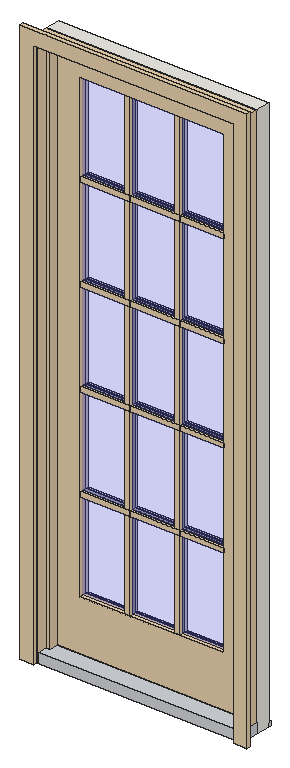
Revit family "Door-Outswing-Andersen-A_Series-Stationary 2", category Doors, host Wall, Revit 2013
Parameters
  Visual Light Transmittance = 0.37  # constant formula
  Type Comments = "Fiberglass-clad and Flexacron finished wood stationary single door"  # constant formula
  Thermal Resistance (R) = 0.58703  # 3.3333 (h·ft²·°F)/BTU
  Solar Heat Gain Coefficient = 0.16  # constant formula
  Rough Width = Width + (Rough Opening Offset * 2)  # 3' - 0 3/4"
  Rough Height = if(1 > 0, Height + 0' 0 1/2", 0' 0")  # 8' - 0 1/2"
  Learn About These Parameters = "http://www.andersenwindows.com/for-professionals/cad-symbols-bim-support-window-doors/bim-support"
  Heat Transfer Coefficient (U) = 1.7035  # 0.3000 BTU/(h·ft²·°F)
  Grille Bar Sizes = "3/4'', 7/8'', 1 1/8'', 2 1/4''"  # constant formula
  Between Glass Grille Bar Sizes = "3/4'', 1''"  # constant formula
  Interior Trim Visibility = yes
  Grille Bar Size = 0' - 0 7/8"
  Enter Pattern Number = 1
  Analytic Construction = "<None>"
  ..Pattern Number 1 = "Colonial"  # constant formula
  . . Lights Wide = 3
  . . Lights High = 5
  ..Pattern Number 2 = "Modified Colonial"  # constant formula
  ..Pattern Number 3 = "Prairie"  # constant formula
  ..Pattern Number 4 = "Short Fractional"  # constant formula
  ..Pattern Number 5 = "Tall Fractional"  # constant formula
  Extension Jamb Visibility = yes
  Enter Exterior Trim Number = 0
  ..Exterior Trim Number 0 = "No Exterior Trim"  # constant formula
  ..Exterior Trim Number 1 = "Brick Mould"  # constant formula
  ..Exterior Trim Number 2 = "3 1/2'' Flat Casing"  # constant formula
  ..Exterior Trim Number 3 = "4 1/2'' Flat Casing"  # constant formula
  Interior Grille Bar Visibility = yes
  Exterior Grille Bar Visibility = yes
  Between Glass Grille Bar Visibility = yes
  xjamb Visibility [instance] = and(Extension Jamb Visibility, Wall Depth > 0' 4 9/16")  # no
  xjamb S1 [instance] = if(Wall Depth < 0' 4 5/8", 0' 0 1/16", 0' 0")  # 0' - 0 1/16"
  casingS2 = if(Enter Exterior Trim Number = 1, 0' 0 3/16", 0' 0 3/16")  # 0' - 0 3/16"
  casingS1 = if(Enter Exterior Trim Number = 1, 0' 0 7/16", 0' 0 3/16")  # 0' - 0 3/16"
  casing4 = if(Enter Exterior Trim Number = 1, 0' 1 3/4", if(Enter Exterior Trim Number = 2, 0' 3 1/4", 0' 4 1/4"))  # 0' - 4 1/4"
  casing3 = 0' - 0 1/2"  # constant formula
  casing2 = 0' - 0 7/8"  # constant formula
  casing1 = 0' - 0 1/4"  # constant formula
  Wall Thickness [instance] = 0' - 8"
  Wall Depth [instance] = 0' - 4 9/16"
  Void Offset 1 [instance] = if(Enter Exterior Trim Number > 0, casing4, 0' 0")  # 0' - 0"
  Void Depth [instance] = if(Wall Thickness > Wall Depth, 0' 1" + Wall Thickness - Wall Depth, 0' 1")  # 0' - 4 7/16"
  VGB DLO = if(Enter Pattern Number = 3, 0' 4", (H DLO - (Grille Bar Size * (V Bars))) / if(LWide > 2, LWide, 3))  # 0' - 7.66667"
  V Bars = if(Enter Pattern Number = 3, 2, if(LWide > 2, LWide - 1, 2))  # 2
  URL = "www.andersenwindows.com"
  TS V DLO = Height - HGO - SGO  # 6' - 7 7/8"
  TS V Bar Length = if(or(Enter Pattern Number = 5, Enter Pattern Number = 2), ((((Height - HGO - SGO - (Grille Bar Size * (Fractional Lights High - 1))) / Fractional Lights High)) * TFL) + (TFB * Grille Bar Size), if(Enter Pattern Number = 4, ((Height - HGO - SGO - (Grille Bar Size * (Fractional Lights High - 1))) / Fractional Lights High), Height - HGO - SGO))  # 6' - 7 7/8"
  TS SH DLO = if(or(Enter Pattern Number = 5, Enter Pattern Number = 2), ((((Height - HGO - SGO - (Grille Bar Size * (Fractional Lights High - 1))) / Fractional Lights High)) * TFL) + (TFB * Grille Bar Size) + HGO + (Grille Bar Size / 2), if(Enter Pattern Number = 4, TS V Bar Length + HGO + (Grille Bar Size / 2), (TS V DLO / 2) + HGO))  # 3' - 9 9/16"
  TS S V = or(and(LWide = 2, Enter Pattern Number = 1), and(Fractional Lights Wide = 2, or(or(Enter Pattern Number = 2, Enter Pattern Number = 4), Enter Pattern Number = 5)))  # no
  TS S H Craftsman = and(Enter Pattern Number = 2, or(Fractional Lights High = 4, Fractional Lights High = 5))  # no
  TS S H = or(or(or(and(. . Lights High = 2, Enter Pattern Number = 1), and(Enter Pattern Number = 4, Fractional Lights High > 1)), and(Enter Pattern Number = 5, Fractional Lights High > 1)), and(Enter Pattern Number = 2, Fractional Lights High > 1))  # no
  TS M V = or(or(or(or(or(and(LWide > 2, Enter Pattern Number = 1), and(LWide > 2, Enter Pattern Number = 2)), Enter Pattern Number = 3), Enter Pattern Number = 4), Enter Pattern Number = 5), and(LWide > 2, Enter Pattern Number = 6))  # yes
  TS M H = or(or(Enter Pattern Number = 3, and(. . Lights High > 2, Enter Pattern Number = 1)), and(Enter Pattern Number = 2, Fractional Lights High > 5))  # yes
  TS HGB DLO = if(Enter Pattern Number = 1, if(. . Lights High > 2, ((TS V Bar Length - (Grille Bar Size * (. . Lights High - 1))) / . . Lights High), 0' 4"), if(Enter Pattern Number = 3, 0' 4", if(Fractional Lights High > 2, ((TS V Bar Length - (Grille Bar Size * 2)) / 3), 0' 4")))  # 1' - 3.275"
  TS H Bars = if(Enter Pattern Number = 3, 2, if(Enter Pattern Number = 1, if(. . Lights High > 2, . . Lights High - 1, 2), 2))  # 4
  TFL = if(Fractional Lights High > 5, 3, if(or(Fractional Lights High = 4, Fractional Lights High = 5), 2, if(or(Fractional Lights High = 2, Fractional Lights High = 3), 1, 1)))  # 3
  TFB = TFL - 1  # 2
  Sill Interior Offset [instance] = 0' - 0"  # constant formula
  Sill Height [instance] = 0' - 1 11/16"  # constant formula
  Rough Opening Offset = 0' - 0 3/8"
  Panel Bottom Inset [instance] = 0' - 1"  # constant formula
  Sill Depth [instance] = 0' - 6 7/32"  # constant formula
  SGO = 0' - 10 1/2"  # constant formula
  Product Documentation Link = "http://www.andersenwindows.com/products/a-series-hinged-patio-door/"
  Panel Width = Width - 0' 1 3/16" - 0' 1 3/16"  # 2' - 9 5/8"
  Panel Height [instance] = CTRL Height - 0' 0 3/4" - Panel Bottom Inset  # 7' - 10 1/4"
  Nail Fin Visibility = Enter Exterior Trim Number = 0  # yes
  Model = "A-Series"  # constant formula
  Masonry Width = if(Enter Exterior Trim Number > 0, Width + ((casing4 + Masonry Opening Offset) * 2), Width + (Masonry Opening Offset * 2))  # 3' - 0 3/4"
  Masonry Opening Offset = 0' - 0 3/8"
  Masonry Height = if(Enter Exterior Trim Number > 0, Height + (casing4 + 0' 0 1/2"), Height + 0' 0 1/2")  # 8' - 0 1/2"
  Manufacturer = "Andersen Corporation"  # constant formula
  LWide = if(Enter Pattern Number = 3, 3, if(Enter Pattern Number = 1, . . Lights Wide, Fractional Lights Wide))  # 3
  JGO = 0' - 5 5/8"  # constant formula
  Is Outswing = 1 = 1  # yes
  Interior Unit Finish = Wood - Andersen - Pine
  Interior Trim Size = 0' - 2 1/4"
  HGO = 0' - 5 5/8"  # constant formula
  H DLO = Width - (JGO * 2)  # 2' - 0 3/4"
  Glazing Material = Glass ‐ Andersen - Low-E4 SmartSun
  Function = Exterior
  Height = 8' - 0"
  Wall Closure = By host
  Width = 3' - 0"
  Frame Interior Inset [instance] = 0' - 0"  # constant formula
  Frame Depth [instance] = 0' - 5 7/8"  # constant formula
  Fractional Lights Wide = 4
  Fractional Lights High = 6
  Family Version = "01.01.15"  # constant formula
  Exterior Unit Finish = Fiberglass - Andersen - White
  Exterior Trim Finish = Fibrex Composite - Andersen - White
  Designation = "FWOD"
  Description = "Fiberglass-clad and Flexacron finished wood stationary single door"  # constant formula
  Coarse Plan [instance] = if(Wall Depth > Wall Thickness, Wall Thickness, Wall Depth)  # 0' - 4 9/16"
  Casing Visibility [instance] = Enter Exterior Trim Number > 0  # no
  CTRL Height [instance] = Height  # 8' - 0"
  Between Glass Grille Bar Finish = Stainless Steel - Andersen - Standard
  BS V DLO = Height - HGO - SGO  # 6' - 7 7/8"
  BS SH DLO = if(Enter Pattern Number = 5, SGO + 0' 4" + (Grille Bar Size / 2), (BS V DLO / 2) + SGO)  # 4' - 2 7/16"
  BS S V = and(LWide = 2, Enter Pattern Number = 1)  # no
  BS M V = or(or(and(LWide > 2, Enter Pattern Number = 1), Enter Pattern Number = 3), Enter Pattern Number = 5)  # yes
  Assembly Code = "B2030100"
Reference planes (in)
  plane 1 "Center (Front/Back)": y = 0
  plane 2 "Center (Left/Right)": x = 0
  plane 3 "R Frame": x = -18
  plane 4 "L Frame": x = 18
  plane 5 "T Frame": z = 96
  plane 6 "Wall S1": y = 4
  plane 7 "Wall S2": y = -4
  plane 8 "Interior Casing": y = -4.625
  plane 9 "Frame S2": y = -4
  plane 10 "Flange": y = 0.5625
  plane 11 "Casing S2": y = 2.0625
  plane 12 "Casing S1": y = 2.0625
  plane 13 "Exterior Offset": y = 5
  plane 14 "R Rough Opening": x = -18.375
  plane 15 "R Casing 1": x = -17.75
  plane 16 "R Casing 2": x = -21.375
  plane 17 "R Casing 3": x = -21.75
  plane 18 "R Casing 4": x = -22.25
  plane 19 "R Masonry Opening": x = -18.375
  plane 20 "L Masonry Opening": x = 18.375
  plane 21 "L Casing 4": x = 22.25
  plane 22 "L Casing 3": x = 21.75
  plane 23 "L Casing 2": x = 21.375
  plane 24 "L Casing 1": x = 17.75
  plane 25 "L Rough Opening": x = 18.375
  plane 26 "T Rough Opening": z = 96.5
  plane 27 "T Casing 1": z = 95.75
  plane 28 "T Casing 2": z = 99.375
  plane 29 "T Casing 3": z = 99.75
  plane 30 "T Casing 4": z = 100.25
  plane 31 "T Masonry Opening": z = 96.5
  plane 32 "R Int Casing": x = -19.5
  plane 33 "R Xjamb 2": x = -17.875
  plane 34 "R Ext Frame": x = -17.434
  plane 35 "L Int Casing": x = 19.5
  plane 36 "L Xjamb 2": x = 17.875
  plane 37 "L Ext Frame": x = 16.578
  plane 38 "T Int Casing": z = 97.684
  plane 39 "T Xjamb 2": z = 95.875
  plane 40 "T Ext Frame": z = 95.434
  plane 41 "L Panel": x = 17.25
  plane 42 "R Panel": x = -17.25
  plane 43 "T Panel": z = 95.25
  plane 44 "B Panel": z = 1
  plane 45 "B Glazing": z = 10.5
  plane 46 "T Glazing": z = 90.375
  plane 47 "L Glazing": x = 12.375
  plane 48 "R Glazing": x = -12.375
  plane 49 "Panel1 S1": y = 0.943
  plane 50 "Panel1 S2": y = -0.776
  plane 51 "Xjamb S1": y = -3.9375
  plane 52 "Frame S1": y = 1.875
  plane 53 "L Stop": x = 16.305
  plane 54 "R Stop": x = -16.305
  plane 55 "T Stop": z = 94.305
  plane 56 "Sill Height": z = 1.6875
  plane 57 "Glass1 S1": y = 0.53009
  plane 58 "Glass1 S3": y = -0.111
  plane 59 "Glass1 S2": y = 0.40509
  plane 60 "Glass1 S4": y = -0.236
  plane 61 "Vert Bar length": z = 10.5
  plane 62 "L Xjamb 1": x = 17.25
  plane 63 "R Xjamb S1": x = -17.25
  plane 64 "T Xjamb S1": z = 95.25
  plane 65 "R Int Frame": x = -16.984
  plane 66 "L Int Frame": x = 16.984
  plane 67 "Frame S1.1": y = 1.72601
  plane 68 "T Int Frame": z = 94.984
  plane 69 "B Ext Frame": z = 0.748
  plane 70 "B Stop": z = 2.45642
  plane 71 "Sill S1": y = 2.205
  plane 72 "R Ext Frame 2": x = -16.578
  plane 73 "Stop S1": y = -2.328
  plane 74 "L Ext Frame 2": x = 17.434
  plane 75 "T Ext Frame 2": z = 94.578
Forms (in)
  Extrusion 1, void
    sketch origin (0, 0, 0) x (1, 0, 0) y (0, 0, 1)
      loop
        line (18, 96) -> (-18, 96) -> (-18, 0) -> (18, 0) -> (18, 96)
    from -0.5625 to 4
  Extrusion 2, void
    sketch origin (0, 0, 0) x (1, 0, 0) y (0, 0, 1)
      loop
        line (18, 96) -> (-18, 96) -> (-18, 0) -> (18, 0) -> (18, 96)
    from -30 to -0.5625
  Sweep 3, solid, material "Fibrex Composite - Andersen - White" <- "Exterior Trim Finish", visible <- "Casing Visibility", detail levels medium+fine
    path origin (0, 0.5625, 0) x (-1, 0, 0) y (0, 0, 1)
      loop
        line (-22.25, 0) -> (-22.25, 100.25) -> (22.25, 100.25) -> (22.25, 0)
    profile origin (22.25, 0.5625, 50.125) x (1, 0, 0) y (0, 1, 0)
      loop
        line (-0.875, 1.5) -> (-4.5, 1.5) -> (-4.5, 0) -> (0, 0) -> (0, 1.5) -> (-0.5, 1.5) -> (-0.875, 1.5)
  Extrusion 4, solid, material "Fibrex Composite - Andersen - White" <- "Exterior Trim Finish", visible <- "Casing Visibility", detail levels coarse
    sketch origin (0, 0.5625, 0) x (-1, 0, 0) y (0, 0, 1)
      loop
        line (-17.75, 95.75) -> (17.75, 95.75) -> (17.75, 0) -> (22.25, 0) -> (22.25, 100.25) -> (-22.25, 100.25) -> (-22.25, 0) -> (-17.75, 0) -> (-17.75, 95.75)
    from 0 to 1.5
  Extrusion 5, solid, material "Wood - Andersen - Pine" <- "Interior Unit Finish", visible <- "Interior Trim Visibility", detail levels fine
    sketch origin (0, 0, 0) x (1, 0, 0) y (0, 0, 1)
      loop
        line (-17.25, 95.25) -> (17.25, 95.25) -> (17.25, 0) -> (19.5, 0) -> (19.5, 97.684) -> (-19.5, 97.684) -> (-19.5, 0) -> (-17.25, 0) -> (-17.25, 95.25)
    from 4 to 4.625
  Extrusion 6, solid, material "Wood - Andersen - Pine" <- "Interior Unit Finish", visible <- "xjamb Visibility", detail levels medium+fine
    sketch origin (0, 0, 0) x (1, 0, 0) y (0, 0, 1)
      loop
        line (-17.875, 0) -> (-17.25, 0) -> (-17.25, 95.25) -> (17.25, 95.25) -> (17.25, 0) -> (17.875, 0) -> (17.875, 95.875) -> (-17.875, 95.875) -> (-17.875, 0)
    from 3.9375 to 4
  Sweep 7, void
    path origin (4.25, 0.5625, 0) x (-1, 0, 0) y (0, 0, 1)
      loop
        line (4.25, 0) -> (4.25, 10.5)
    profile origin (0, 0.5625, 5.25) x (1, 0, 0) y (0, 1, 0)
      loop
        line (18, -1.3385) -> (18, 1.3125) -> (17.434, 1.3125) -> (17.434, -0.15741) -> (16.578, -0.15741) -> (16.578, -1.3385) -> (18, -1.3385)
      loop
        line (-18, -1.3385) -> (-16.578, -1.3385) -> (-16.578, -0.15741) -> (-17.434, -0.15741) -> (-17.434, 1.3125) -> (-18, 1.3125) -> (-18, -1.3385)
  Sweep 8, solid, material "Fiberglass - Andersen - White" <- "Exterior Unit Finish"
    path in 3D
      loop
        line (18, 0.5625, 0) -> (18, 0.5625, 96) -> (-18, 0.5625, 96) -> (-18, 0.5625, 0)
    profile origin (18, 0.5625, 48) x (1, 0, 0) y (0, 1, 0)
      loop
        line (0, 1.3125) -> (-0.566, 1.3125) -> (-0.566, -0.15741) -> (-1.422, -0.15741) -> (-1.422, -1.3385) -> (0, -1.3385) -> (0, 1.3125)
  Sweep 9, solid, material "Wood - Andersen - Pine" <- "Interior Unit Finish"
    path in 3D
      loop
        line (18, 0.5625, 0) -> (18, 0.5625, 96) -> (-18, 0.5625, 96) -> (-18, 0.5625, 0)
    profile origin (18, 0.5625, 48) x (1, 0, 0) y (0, 1, 0)
      loop
        line (0, -1.3385) -> (-1.695, -1.3385) -> (-1.695, -2.8905) -> (-1.016, -2.8905) -> (-1.016, -4.5625) -> (0, -4.5625) -> (0, -1.3385)
  Extrusion 10, solid, material "Fiberglass - Andersen - White" <- "Exterior Unit Finish"
    sketch origin (0, 0.5625, 0) x (-1, 0, 0) y (0, 0, 1)
      loop
        line (-17.25, 95.25) -> (-17.25, 1) -> (17.25, 1) -> (17.25, 95.25) -> (-17.25, 95.25)
      loop
        line (-12.375, 90.375) -> (-12.375, 10.5) -> (12.375, 10.5) -> (12.375, 90.375) -> (-12.375, 90.375)
    from -0.03241 to 0.3805
  Extrusion 11, solid, material "Wood - Andersen - Pine" <- "Interior Unit Finish"
    sketch origin (0, 0.5625, 0) x (-1, 0, 0) y (0, 0, 1)
      loop
        line (-17.25, 95.25) -> (-17.25, 1) -> (17.25, 1) -> (17.25, 95.25) -> (-17.25, 95.25)
      loop
        line (-12.375, 90.375) -> (-12.375, 10.5) -> (12.375, 10.5) -> (12.375, 90.375) -> (-12.375, 90.375)
    from -1.3385 to -0.03241
  Extrusion 12, solid, material "Glass ‐ Andersen - Low-E4 SmartSun" <- "Glazing Material"
    sketch origin (0, 0.5625, 0) x (-1, 0, 0) y (0, 0, 1)
      loop
        line (-12.375, 90.375) -> (-12.375, 10.5) -> (12.375, 10.5) -> (12.375, 90.375) -> (-12.375, 90.375)
    from -0.7985 to -0.03241
  Extrusion 13, solid
    sketch origin (0, 0, 0) x (0, 1, 0) y (0, 0, 1)
      loop
        line (2.205, 0.748) -> (0.40509, 0.748) -> (0.40509, 1.6875) -> (-0.776, 1.6875) -> (-0.776, 0) -> (2.205, 0) -> (2.205, 0.748)
    from -18 to 18
  Extrusion 14, solid
    sketch origin (0, 0, 0) x (0, 1, 0) y (0, 0, 1)
      loop
        line (-0.776, 1.6875) -> (-4, 1.6875) -> (-4, 0) -> (-0.776, 0) -> (-0.776, 1.6875)
    from -18 to 18
Cuts and joins
  Sweep 7 cuts Extrusion 13
Lines and regions (in)
  Masking region 1, visible <- "Casing Visibility"
    outline origin (0, 0, 0) x (0, 1, 0) y (0, 0, 1)
      loop
        line (0.5625, 96) -> (1.875, 96) -> (1.875, 0) -> (2.0625, 0) -> (2.0625, 100.25) -> (0.5625, 100.25) -> (0.5625, 96)
  Masking region 2
    outline origin (0, 0, 0) x (0, 1, 0) y (0, 0, 1)
      loop
        line (1.875, 96) -> (-4, 96) -> (-4, 0) -> (2.205, 0) -> (2.205, 0.748) -> (1.875, 0.748) -> (1.875, 96)
  Masking region 3, visible <- "Casing Visibility", detail levels fine
    outline origin (0, 0, 0) x (1, 0, 0) y (0, 1, 0)
      loop
        line (-21.75, 2.0625) -> (-22.25, 2.0625) -> (-22.25, 0.5625) -> (-18, 0.5625) -> (-18, 1.875) -> (-17.75, 1.875) -> (-17.75, 2.0625) -> (-21.375, 2.0625) -> (-21.75, 2.0625)
  Masking region 4, visible <- "Casing Visibility", detail levels fine
    outline origin (0, 0, 0) x (1, 0, 0) y (0, 1, 0)
      loop
        line (21.75, 2.0625) -> (21.375, 2.0625) -> (17.75, 2.0625) -> (17.75, 1.875) -> (18, 1.875) -> (18, 0.5625) -> (22.25, 0.5625) -> (22.25, 2.0625) -> (21.75, 2.0625)
  Masking region 5, visible <- "Casing Visibility", detail levels coarse+medium
    outline origin (0, 0, 0) x (1, 0, 0) y (0, 1, 0)
      loop
        line (-22.25, 2.0625) -> (-22.25, 0.5625) -> (-18, 0.5625) -> (-18, 2.0625) -> (-22.25, 2.0625)
  Masking region 6, visible <- "Casing Visibility", detail levels coarse+medium
    outline origin (0, 0, 0) x (1, 0, 0) y (0, 1, 0)
      loop
        line (18, 2.0625) -> (18, 0.5625) -> (22.25, 0.5625) -> (22.25, 2.0625) -> (18, 2.0625)
  Masking region 7, visible <- "Casing Visibility"
    outline origin (0, 2.625, 0) x (-1, 0, 0) y (0, 0, 1)
      loop
        line (-22.25, 100.25) -> (-22.25, 0) -> (-18, 0) -> (-18, 96) -> (18, 96) -> (18, 0) -> (22.25, 0) -> (22.25, 100.25) -> (-22.25, 100.25)
  Masking region 8, visible <- "Interior Trim Visibility", detail levels fine
    outline origin (0, -4.625, 0) x (-1, 0, 0) y (0, 0, 1)
      loop
        line (-19.5, 97.684) -> (-19.5, 0) -> (-17.25, 0) -> (-17.25, 95.25) -> (17.25, 95.25) -> (17.25, 0) -> (19.5, 0) -> (19.5, 97.684) -> (-19.5, 97.684)
  Masking region 9
    outline origin (0, -4, 0) x (-1, 0, 0) y (0, 0, 1)
      loop
        line (-18, 96) -> (-18, 0) -> (18, 0) -> (18, 96) -> (-18, 96)
      loop
        line (-16.305, 94.305) -> (-16.305, 1.6875) -> (16.305, 1.6875) -> (16.305, 94.305) -> (-16.305, 94.305)
  Masking region 10
    outline origin (0, 0.943, 0) x (-1, 0, 0) y (0, 0, 1)
      loop
        line (-17.25, 95.25) -> (-17.25, 1) -> (17.25, 1) -> (17.25, 95.25) -> (-17.25, 95.25)
  Masking region 11, visible <- "Interior Trim Visibility", detail levels fine
    outline origin (0, 0, 0) x (1, 0, 0) y (0, 1, 0)
      loop
        line (-19.5, -4) -> (-19.5, -4.625) -> (-17.25, -4.625) -> (-17.25, -4) -> (-19.5, -4)
  Masking region 12, visible <- "xjamb Visibility", detail levels medium+fine
    outline origin (0, 0, 0) x (1, 0, 0) y (0, 1, 0)
      loop
        line (-17.875, -3.9375) -> (-17.875, -4) -> (-17.25, -4) -> (-17.25, -3.9375) -> (-17.875, -3.9375)
  Masking region 13, visible <- "Interior Trim Visibility", detail levels fine
    outline origin (0, 0, 0) x (1, 0, 0) y (0, 1, 0)
      loop
        line (17.25, -4) -> (17.25, -4.625) -> (19.5, -4.625) -> (19.5, -4) -> (17.25, -4)
  Masking region 14, visible <- "xjamb Visibility", detail levels medium+fine
    outline origin (0, 0, 0) x (1, 0, 0) y (0, 1, 0)
      loop
        line (17.25, -3.9375) -> (17.25, -4) -> (17.875, -4) -> (17.875, -3.9375) -> (17.25, -3.9375)
  Masking region 15, visible <- "xjamb Visibility", detail levels medium+fine
    outline origin (0, 0, 0) x (0, 1, 0) y (0, 0, 1)
      loop
        line (-3.9375, 95.875) -> (-4, 95.875) -> (-4, 0) -> (-3.9375, 0) -> (-3.9375, 95.875)
  Masking region 16, visible <- "Interior Trim Visibility", detail levels fine
    outline origin (0, 0, 0) x (0, 1, 0) y (0, 0, 1)
      loop
        line (-4, 97.684) -> (-4.625, 97.684) -> (-4.625, 0) -> (-4, 0) -> (-4, 97.684)
  Masking region 17
    outline origin (0, 0, 0) x (1, 0, 0) y (0, 1, 0)
      loop
        line (-18, 1.875) -> (-18, -4) -> (18, -4) -> (18, 1.875) -> (-18, 1.875)
  symbolic lines, style "DoorsFrameMullionProjection", visible <- "Casing Visibility", detail levels medium+fine
    curve 1: line (0, 2.0625, 99.75) -> (0, 2.0625, 99.375)
    curve 2: line (0, 2.0625, 99.375) -> (0, 2.0625, 95.75)
    curve 3: line (0, 2.0625, 95.75) -> (0, 1.875, 95.75)
  symbolic lines, style "DoorsFrameMullionProjection", detail levels coarse
    curve 4: line (0, 1.875, 96) -> (0, 2.0625, 96)
    curve 56: line (-17.25, 1.875, 0) -> (-17.25, -4, 0)
    curve 57: line (17.25, 1.875, 0) -> (17.25, -4, 0)
    curve 174: line (-17.25, -0.776, 0) -> (-16.578, -0.776, 0)
    curve 175: line (16.984, -0.776, 0) -> (17.25, -0.776, 0)
  symbolic lines, style "DoorsFrameMullionProjection", visible <- "Nail Fin Visibility", detail levels medium+fine
    curve 5: line (19.625, 0.5625, 0) -> (18, 0.5625, 0)
    curve 6: line (0, 0.5625, 96.34025) -> (0, 0.5625, 96)
  symbolic lines, style "DoorsGlassProjection", detail levels fine
    curve 7: line (0, -0.111, 10.5) -> (0, -0.111, 90.375)
    curve 8: line (0, 0.40509, 10.5) -> (0, 0.40509, 90.375)
    curve 11: line (12.375, 0.40509, 0) -> (-12.375, 0.40509, 0)
    curve 12: line (12.375, -0.111, 0) -> (-12.375, -0.111, 0)
    curve 63: line (0, -0.111, 10.375) -> (0, 0.40509, 10.375)
    curve 64: line (0, -0.111, 9.75) -> (0, -0.111, 10.5)
    curve 65: line (0, 0.40509, 9.75) -> (0, 0.40509, 10.5)
    curve 95: line (-13.1405, -0.111, 0) -> (-12.375, -0.111, 0)
    curve 96: line (-12.375, 0.40509, 0) -> (-13.1405, 0.40509, 0)
    curve 97: line (-12.5, 0.40509, 0) -> (-12.5, -0.111, 0)
    curve 125: line (13.1405, -0.111, 0) -> (12.375, -0.111, 0)
    curve 126: line (12.375, 0.40509, 0) -> (13.1405, 0.40509, 0)
    curve 127: line (12.5, 0.40509, 0) -> (12.5, -0.111, 0)
    curve 140: line (0, -0.111, 90.5) -> (0, 0.40509, 90.5)
    curve 141: line (0, -0.111, 91.125) -> (0, -0.111, 90.375)
    curve 142: line (0, 0.40509, 91.125) -> (0, 0.40509, 90.375)
  symbolic lines, style "DoorsGlassProjection"
    curve 9: line (0, -0.236, 10.5) -> (0, -0.236, 90.375)
    curve 10: line (0, 0.53009, 10.5) -> (0, 0.53009, 90.375)
  symbolic lines, style "DoorsGlassProjection", detail levels medium+fine
    curve 13: line (12.375, 0.53009, 0) -> (-12.375, 0.53009, 0)
    curve 14: line (12.375, -0.236, 0) -> (-12.375, -0.236, 0)
  symbolic lines, style "DoorsPanelProjection"
    curve 15: line (12.375, 0.943, 90.375) -> (-12.375, 0.943, 90.375)
    curve 16: line (12.375, 0.943, 10.5) -> (12.375, 0.943, 90.375)
    curve 17: line (-12.375, 0.943, 10.5) -> (12.375, 0.943, 10.5)
    curve 18: line (-12.375, 0.943, 90.375) -> (-12.375, 0.943, 10.5)
  symbolic lines, style "DoorsFrameMullionProjection", visible <- "xjamb Visibility", detail levels medium+fine
    curve 19: line (0, -3.9375, 95.25) -> (0, -4, 95.25)
  symbolic lines, style "DoorsFrameMullionProjection", visible <- "Interior Trim Visibility", detail levels fine
    curve 20: line (0, -4, 95.25) -> (0, -4.625, 95.25)
  symbolic lines, style "DoorsFrameMullionProjection"
    curve 21: line (0, 0.5625, 97.625) -> (0, 0.5625, 96)
    curve 22: line (0, 1.72601, 95.516) -> (0, 1.8745, 95.516)
    curve 23: line (0, 1.72601, 95.434) -> (0, 1.72601, 95.516)
    curve 24: line (0, 1.72601, 95.434) -> (0, 0.40509, 95.434)
    curve 25: line (0, 0.40509, 94.578) -> (0, 0.40509, 95.434)
    curve 54: line (-17.25, 0.943, 0) -> (17.25, 0.943, 0)
    curve 55: line (-16.984, -0.776, 0) -> (16.984, -0.776, 0)
    curve 58: line (0, 0.943, 95.434) -> (0, 0.943, 0.81388)
    curve 59: line (0, -0.776, 94.578) -> (0, -0.776, 1.6875)
    curve 66: line (0, -4, 0) -> (0, -4, 0.891)
    curve 67: line (0, -3.25, 1.141) -> (0, -1.546, 1.141)
    curve 68: line (0, -1.546, 1.141) -> (0, -1.546, 1.6875)
    curve 69: line (0, 0.40509, 0.84207) -> (0, 2.205, 0.74774)
    curve 70: line (0, 2.205, 0.74774) -> (0, 2.205, 0)
    curve 71: line (0, 0.40509, 1.6875) -> (0, -1.546, 1.6875)
    curve 72: line (0, 0.61934, 10.5) -> (0, 0.9435, 10.38992)
    curve 73: line (0, 0.53059, 10.5) -> (0, 0.61934, 10.5)
    curve 74: line (0, 0.53059, 9.75) -> (0, 0.53059, 10.5)
    curve 75: line (0, -0.776, 9.75) -> (0, 0.53059, 9.75)
    curve 76: line (0, -0.2355, 9.75) -> (0, -0.2355, 10.5)
    curve 77: line (0, -0.2355, 10.5) -> (0, -0.3155, 10.5)
    curve 78: line (0, -0.3155, 10.5) -> (0, -0.776, 10.10858)
    curve 143: line (0, -4, 94.984) -> (0, -2.328, 94.984)
    curve 144: line (0, -1.79342, 94.305) -> (0, -0.776, 94.305)
    curve 145: line (0, -2.328, 94.666) -> (0, -2.328, 94.984)
    curve 146: line (0, 0.61884, 90.375) -> (0, 0.943, 90.48508)
    curve 147: line (0, 0.53009, 90.375) -> (0, 0.61884, 90.375)
    curve 148: line (0, 0.53009, 91.125) -> (0, 0.53009, 90.375)
    curve 149: line (0, -0.776, 91.125) -> (0, 0.53009, 91.125)
    curve 150: line (0, -0.316, 90.375) -> (0, -0.236, 90.375)
    curve 151: line (0, -0.776, 90.766) -> (0, -0.316, 90.375)
    curve 152: line (0, -0.236, 90.375) -> (0, -0.236, 91.125)
    curve 153: line (0, -2.328, 94.666) -> (0, -1.79342, 94.305)
    curve 168: line (0, 0.40509, 0.84207) -> (0, 0.40509, 1.6875)
    curve 169: line (0, -4, 0.891) -> (0, -3.25, 1.141)
    curve 172: line (0, -0.776, 94.578) -> (0, 0.40509, 94.578)
    curve 192: line (0, -2.328, 94.984) -> (0, -0.776, 94.984)
    curve 193: line (0, -0.776, 94.984) -> (0, -0.776, 94.305)
  symbolic lines, style "DoorsFrameMullionProjection", not visible
    curve 26: line (0, -7.30228, 74.06559) -> (0, -7.30228, 72.44059)
    curve 27: line (0, -6.13877, 71.95659) -> (0, -5.99028, 71.95659)
    curve 28: line (0, -6.13877, 71.87459) -> (0, -6.13877, 71.95659)
    curve 29: line (0, -6.13877, 71.87459) -> (0, -7.45968, 71.87459)
    curve 30: line (0, -7.45968, 71.01859) -> (0, -7.45968, 71.87459)
    curve 82: line (0, -12.83947, 5.45411) -> (0, -12.83947, 6.34511)
    curve 83: line (0, -12.08947, 6.59511) -> (0, -10.38547, 6.59511)
    curve 84: line (0, -10.38547, 6.59511) -> (0, -10.38547, 7.14161)
    curve 85: line (0, -8.43438, 6.29618) -> (0, -6.63447, 6.20185)
    curve 86: line (0, -6.63447, 6.20185) -> (0, -6.63447, 5.45411)
    curve 87: line (0, -8.43438, 7.14161) -> (0, -10.38547, 7.14161)
    curve 88: line (0, -8.22013, 15.95411) -> (0, -7.89597, 15.84402)
    curve 89: line (0, -8.30888, 15.95411) -> (0, -8.22013, 15.95411)
    curve 90: line (0, -8.30888, 15.20411) -> (0, -8.30888, 15.95411)
    curve 91: line (0, -9.61547, 15.20411) -> (0, -8.30888, 15.20411)
    curve 92: line (0, -9.07497, 15.20411) -> (0, -9.07497, 15.95411)
    curve 93: line (0, -9.07497, 15.95411) -> (0, -9.15497, 15.95411)
    curve 94: line (0, -9.15497, 15.95411) -> (0, -9.61547, 15.56268)
    curve 157: line (0, -11.86478, 71.42459) -> (0, -10.19278, 71.42459)
    curve 158: line (0, -9.65819, 70.74559) -> (0, -8.64078, 70.74559)
    curve 159: line (0, -10.19278, 71.10659) -> (0, -10.19278, 71.42459)
    curve 160: line (0, -7.24594, 66.81559) -> (0, -6.92178, 66.92568)
    curve 161: line (0, -7.33468, 66.81559) -> (0, -7.24594, 66.81559)
    curve 162: line (0, -7.33468, 67.56559) -> (0, -7.33468, 66.81559)
    curve 163: line (0, -8.64078, 67.56559) -> (0, -7.33468, 67.56559)
    curve 164: line (0, -8.18078, 66.81559) -> (0, -8.10078, 66.81559)
    curve 165: line (0, -8.64078, 67.20659) -> (0, -8.18078, 66.81559)
    curve 166: line (0, -8.10078, 66.81559) -> (0, -8.10078, 67.56559)
    curve 167: line (0, -10.19278, 71.10659) -> (0, -9.65819, 70.74559)
    curve 170: line (0, -8.43438, 6.29618) -> (0, -8.43438, 7.14161)
    curve 171: line (0, -12.83947, 6.34511) -> (0, -12.08947, 6.59511)
    curve 173: line (0, -8.64078, 71.01859) -> (0, -7.45968, 71.01859)
    curve 194: line (0, -10.19278, 71.42459) -> (0, -8.64078, 71.42459)
    curve 195: line (0, -8.64078, 71.42459) -> (0, -8.64078, 70.74559)
  symbolic lines, style "DoorsFrameMullionProjection", detail levels medium+fine
    curve 31: line (-19.55, 0.5625, 0) -> (-18, 0.5625, 0)
    curve 39: line (19.55, 0.5625, 0) -> (18, 0.5625, 0)
    curve 189: line (-16.984, -4, 94.984) -> (16.984, -4, 94.984)
    curve 190: line (-16.984, -4, 0) -> (-16.984, -4, 94.984)
    curve 191: line (16.984, -4, 94.984) -> (16.984, -4, 0)
  symbolic lines, style "DoorsFrameMullionProjection", detail levels fine
    curve 32: line (-17.516, 1.72601, 0) -> (-17.516, 1.8745, 0)
    curve 33: line (-17.434, 1.72601, 0) -> (-17.516, 1.72601, 0)
    curve 34: line (-17.434, 0.40509, 0) -> (-17.434, 1.72601, 0)
    curve 40: line (17.516, 1.72601, 0) -> (17.516, 1.8745, 0)
    curve 41: line (17.434, 1.72601, 0) -> (17.516, 1.72601, 0)
    curve 42: line (17.434, 0.40509, 0) -> (17.434, 1.72601, 0)
    curve 60: line (-16.578, 0.40509, 0) -> (-17.434, 0.40509, 0)
    curve 62: line (16.578, 0.40509, 0) -> (17.434, 0.40509, 0)
    curve 98: line (-16.305, -1.79342, 0) -> (-16.305, -0.776, 0)
    curve 99: line (-16.984, -4, 0) -> (-16.984, -0.776, 0)
    curve 100: line (-12.375, 0.5732, 0) -> (-12.50058, 0.943, 0)
    curve 101: line (-12.375, 0.53009, 0) -> (-12.375, 0.5732, 0)
    curve 102: line (-13.1405, 0.53009, 0) -> (-12.375, 0.53009, 0)
    curve 103: line (-13.1405, -0.776, 0) -> (-13.1405, 0.53009, 0)
    curve 104: line (-13.1405, -0.236, 0) -> (-12.375, -0.236, 0)
    curve 105: line (-12.375, -0.29776, 0) -> (-12.7815, -0.776, 0)
    curve 106: line (-12.375, -0.236, 0) -> (-12.375, -0.29776, 0)
    curve 107: line (-16.578, -0.776, 0) -> (-16.578, 0.40509, 0)
    curve 108: line (-16.666, -2.328, 0) -> (-16.305, -1.79342, 0)
    curve 109: line (-16.666, -2.328, 0) -> (-16.984, -2.328, 0)
    curve 128: line (16.305, -1.79342, 0) -> (16.305, -0.776, 0)
    curve 129: line (16.984, -4, 0) -> (16.984, -0.776, 0)
    curve 130: line (12.375, 0.5732, 0) -> (12.50058, 0.943, 0)
    curve 131: line (12.375, 0.53009, 0) -> (12.375, 0.5732, 0)
    curve 132: line (13.1405, 0.53009, 0) -> (12.375, 0.53009, 0)
    curve 133: line (13.1405, -0.776, 0) -> (13.1405, 0.53009, 0)
    curve 134: line (13.1405, -0.236, 0) -> (12.375, -0.236, 0)
    curve 135: line (12.375, -0.29776, 0) -> (12.7815, -0.776, 0)
    curve 136: line (12.375, -0.236, 0) -> (12.375, -0.29776, 0)
    curve 137: line (16.578, -0.776, 0) -> (16.578, 0.40509, 0)
    curve 138: line (16.666, -2.328, 0) -> (16.305, -1.79342, 0)
    curve 139: line (16.666, -2.328, 0) -> (16.984, -2.328, 0)
    curve 186: line (-17.25, 0.40509, 0) -> (-17.25, 0.943, 0)
    curve 188: line (17.25, 0.40509, 0) -> (17.25, 0.943, 0)
  symbolic lines, style "DoorsFrameMullionProjection", not visible, detail levels medium+fine
    curve 35: line (29.47212, 10.19686, 0) -> (27.92212, 10.19686, 0)
  symbolic lines, style "DoorsFrameMullionProjection", not visible, detail levels fine
    curve 36: line (27.43812, 11.36036, 0) -> (27.43812, 11.50886, 0)
    curve 37: line (27.35612, 11.36036, 0) -> (27.43812, 11.36036, 0)
    curve 38: line (27.35612, 10.03945, 0) -> (27.35612, 11.36036, 0)
    curve 61: line (26.50012, 10.03945, 0) -> (27.35612, 10.03945, 0)
    curve 113: line (26.22712, 7.84094, 0) -> (26.22712, 8.85836, 0)
    curve 114: line (26.90612, 5.63436, 0) -> (26.90612, 8.85836, 0)
    curve 115: line (22.29712, 10.20756, 0) -> (22.4227, 10.57736, 0)
    curve 116: line (22.29712, 10.16445, 0) -> (22.29712, 10.20756, 0)
    curve 117: line (23.06262, 10.16445, 0) -> (22.29712, 10.16445, 0)
    curve 118: line (23.06262, 8.85836, 0) -> (23.06262, 10.16445, 0)
    curve 119: line (23.06262, 9.39836, 0) -> (22.29712, 9.39836, 0)
    curve 120: line (22.29712, 9.33659, 0) -> (22.70362, 8.85836, 0)
    curve 121: line (22.29712, 9.39836, 0) -> (22.29712, 9.33659, 0)
    curve 122: line (26.50012, 8.85836, 0) -> (26.50012, 10.03945, 0)
    curve 123: line (26.58812, 7.30636, 0) -> (26.22712, 7.84094, 0)
    curve 124: line (26.58812, 7.30636, 0) -> (26.90612, 7.30636, 0)
    curve 187: line (27.17212, 10.03945, 0) -> (27.17212, 10.57736, 0)
  symbolic lines, style "DoorsFrameMullionProjection", detail levels medium
    curve 43: line (-12.375, 0.943, 0) -> (-12.375, -0.776, 0)
    curve 44: line (12.375, 0.943, 0) -> (12.375, -0.776, 0)
    curve 176: line (-16.984, -4, 0) -> (-16.984, -2.328, 0)
    curve 177: line (-16.984, -2.328, 0) -> (-16.305, -2.328, 0)
    curve 178: line (-16.305, -2.328, 0) -> (-16.305, -0.776, 0)
    curve 179: line (-16.305, -0.776, 0) -> (-17.25, -0.776, 0)
    curve 180: line (-17.25, -0.776, 0) -> (-17.25, 1.875, 0)
    curve 181: line (17.25, 1.875, 0) -> (17.25, -0.776, 0)
    curve 182: line (17.25, -0.776, 0) -> (16.305, -0.776, 0)
    curve 183: line (16.305, -0.776, 0) -> (16.305, -2.328, 0)
    curve 184: line (16.305, -2.328, 0) -> (16.984, -2.328, 0)
    curve 185: line (16.984, -2.328, 0) -> (16.984, -4, 0)
  model lines, style "InvisibleLines"
    curve 45: line (18, 0.5625, 0) -> (18, 0.5625, 96)
    curve 47: line (-18, 0.5625, 96) -> (-18, 0.5625, 0)
  model lines, style "InvisibleLines", detail levels fine
    curve 46: line (18, 0.5625, 96) -> (-18, 0.5625, 96)
  sketch lines
    curve 48: line (18, 0.5625, 0) -> (18, 0.5625, 96)
    curve 49: line (18, 0.5625, 96) -> (-18, 0.5625, 96)
    curve 50: line (-18, 0.5625, 96) -> (-18, 0.5625, 0)
    curve 51: line (18, 0.5625, 0) -> (18, 0.5625, 96)
    curve 52: line (18, 0.5625, 96) -> (-18, 0.5625, 96)
    curve 53: line (-18, 0.5625, 96) -> (-18, 0.5625, 0)
  symbolic lines, style "DoorsGlassProjection", not visible, detail levels fine
    curve 79: line (0, -8.95047, 15.82911) -> (0, -8.43438, 15.82911)
    curve 80: line (0, -8.95047, 15.20411) -> (0, -8.95047, 15.95411)
    curve 81: line (0, -8.43438, 15.20411) -> (0, -8.43438, 15.95411)
    curve 110: line (23.06262, 9.52336, 0) -> (22.29712, 9.52336, 0)
    curve 111: line (22.29712, 10.03945, 0) -> (23.06262, 10.03945, 0)
    curve 112: line (22.42212, 10.03945, 0) -> (22.42212, 9.52336, 0)
    curve 154: line (0, -7.97578, 66.94059) -> (0, -7.45968, 66.94059)
    curve 155: line (0, -7.97578, 67.56559) -> (0, -7.97578, 66.81559)
    curve 156: line (0, -7.45968, 67.56559) -> (0, -7.45968, 66.81559)
Text (in)
  text "Exterior" at (-74.96733, 27.31104, 0), in view "Ref. Level"
  text "Interior" at (-74.96733, -25.14366, 0), in view "Ref. Level"
  text "Exterior" at (0, 40.15149, 123.01588), in view "Right"
  text "Interior" at (0, -64.39139, 123.01588), in view "Right"
  text "Interior" at (0, -31.01599, 123.00693), in view "Left"
  text "Exterior" at (0, 54.57065, 123.00693), in view "Left"
Dimensions and locks (in)
  equal spacing: plane 3 "R Frame", plane 2 "Center (Left/Right)", plane 4 "L Frame"
  "CTRL Height": level to plane 5 "T Frame"
  "Width": plane 3 "R Frame" to plane 4 "L Frame"
  host wall to plane 5 "T Frame" = 8' - 0"
  locked: plane 8 "Interior Casing" to host wall at 0.625
  locked: plane 13 "Exterior Offset" to host wall at 1
  "Void Offset 1": plane 4 "L Frame" to Extrusion 2 sketch curve
  "Void Offset 1": plane 5 "T Frame" to Extrusion 2 sketch curve
  "Void Offset 1": Extrusion 2 sketch curve to plane 3 "R Frame"
  "casing1": plane 24 "L Casing 1" to plane 4 "L Frame"
  "Rough Opening Offset": plane 4 "L Frame" to plane 25 "L Rough Opening"
  "casing4": plane 4 "L Frame" to plane 21 "L Casing 4"
  "casing2": plane 23 "L Casing 2" to plane 21 "L Casing 4"
  "casing3": plane 22 "L Casing 3" to plane 21 "L Casing 4"
  "casing1": plane 3 "R Frame" to plane 15 "R Casing 1"
  "Rough Opening Offset": plane 14 "R Rough Opening" to plane 3 "R Frame"
  "casing4": plane 18 "R Casing 4" to plane 3 "R Frame"
  "casing2": plane 18 "R Casing 4" to plane 16 "R Casing 2"
  "casing3": plane 18 "R Casing 4" to plane 17 "R Casing 3"
  "casing1": plane 27 "T Casing 1" to plane 5 "T Frame"
  "casing4": plane 5 "T Frame" to plane 30 "T Casing 4"
  "casing2": plane 28 "T Casing 2" to plane 30 "T Casing 4"
  "casing3": plane 29 "T Casing 3" to plane 30 "T Casing 4"
  "Interior Trim Size": plane 40 "T Ext Frame" to plane 38 "T Int Casing"
  "xjamb S1": plane 51 "Xjamb S1" to plane 9 "Frame S2"
  "Void Depth": plane 13 "Exterior Offset" to Extrusion 2
  "Wall Thickness": host wall to host wall
  "Wall Depth": host wall to plane 10 "Flange"
  "Frame Depth": plane 52 "Frame S1" to plane 9 "Frame S2"
  "Panel Height": plane 44 "B Panel" to plane 43 "T Panel"
  "Sill Height": level to plane 56 "Sill Height"
  "HGO": plane 46 "T Glazing" to plane 5 "T Frame"
  "SGO": plane 45 "B Glazing" to level
  equal spacing: plane 61 "Vert Bar length", nested 3, plane 46 "T Glazing"
  "TS V Bar Length": plane 61 "Vert Bar length" to plane 46 "T Glazing"
  "JGO": plane 3 "R Frame" to plane 48 "R Glazing"
  "JGO": plane 47 "L Glazing" to plane 4 "L Frame"
  "TS SH DLO": nested 4 to plane 5 "T Frame"
  "casingS1": plane 12 "Casing S1" to plane 52 "Frame S1"
  "casingS2": plane 11 "Casing S2" to plane 52 "Frame S1"
  "Interior Trim Size": plane 62 "L Xjamb 1" to plane 35 "L Int Casing"
  "Interior Trim Size": plane 32 "R Int Casing" to plane 63 "R Xjamb S1"
  locked: plane 52 "Frame S1" to plane 10 "Flange" at 1.3125
  equal spacing: plane 19 "R Masonry Opening", plane 2 "Center (Left/Right)", plane 20 "L Masonry Opening"
  "Masonry Width": plane 19 "R Masonry Opening" to plane 20 "L Masonry Opening"
  "Masonry Height": level to plane 31 "T Masonry Opening"
  locked: plane 3 "R Frame" to plane 33 "R Xjamb 2" at 0.125
  locked: plane 3 "R Frame" to plane 34 "R Ext Frame" at 0.566
  locked: plane 3 "R Frame" to plane 63 "R Xjamb S1" at 0.75
  locked: plane 3 "R Frame" to plane 65 "R Int Frame" at 1.016
  locked: plane 3 "R Frame" to plane 42 "R Panel" at 0.75
  locked: plane 3 "R Frame" to plane 54 "R Stop" at 1.695
  locked: plane 36 "L Xjamb 2" to plane 4 "L Frame" at 0.125
  locked: plane 37 "L Ext Frame" to plane 4 "L Frame" at 1.422
  locked: plane 62 "L Xjamb 1" to plane 4 "L Frame" at 0.75
  locked: plane 66 "L Int Frame" to plane 4 "L Frame" at 1.016
  locked: plane 41 "L Panel" to plane 4 "L Frame" at 0.75
  locked: plane 53 "L Stop" to plane 4 "L Frame" at 1.695
  locked: plane 67 "Frame S1.1" to plane 10 "Flange" at 1.16351
  locked: plane 39 "T Xjamb 2" to plane 5 "T Frame" at 0.125
  locked: plane 40 "T Ext Frame" to plane 5 "T Frame" at 0.566
  locked: plane 64 "T Xjamb S1" to plane 5 "T Frame" at 0.75
  locked: plane 68 "T Int Frame" to plane 5 "T Frame" at 1.016
  plane 43 "T Panel" to plane 5 "T Frame" = 0' - 0 3/4"
  locked: plane 55 "T Stop" to plane 5 "T Frame" at 1.695
  locked: plane 69 "B Ext Frame" to level at 0.748
  locked: plane 70 "B Stop" to level at 2.45642
  locked: plane 71 "Sill S1" to plane 10 "Flange" at 1.6425
  locked: plane 5 "T Frame" to plane 26 "T Rough Opening" at 0.5
  locked: plane 3 "R Frame" to plane 72 "R Ext Frame 2" at 1.422
  locked: plane 74 "L Ext Frame 2" to plane 36 "L Xjamb 2" at 0.441
  locked: plane 75 "T Ext Frame 2" to plane 5 "T Frame" at 1.422
  "VGB DLO": nested 2 to plane 47 "L Glazing"
  equal spacing: group 6, group 10, group 11, group 7  (x2)
  equal spacing: group 7, group 11, group 10, group 6
  "TS HGB DLO": nested 5 to plane 46 "T Glazing"
  "TS HGB DLO": plane 61 "Vert Bar length" to nested 6
  group 9 to group 8 = 0' - 8.54167"
  group 8 to group 9 = 0' - 0"  (x2)
  "VGB DLO": plane 48 "R Glazing" to nested 7
  locked: plane 49 "Panel1 S1" to plane 10 "Flange" at 0.3805
  locked: plane 10 "Flange" to plane 57 "Glass1 S1" at 0.03241
  locked: plane 10 "Flange" to plane 59 "Glass1 S2" at 0.15741
  locked: plane 10 "Flange" to plane 58 "Glass1 S3" at 0.6735
  locked: plane 10 "Flange" to plane 60 "Glass1 S4" at 0.7985
  locked: plane 10 "Flange" to plane 50 "Panel1 S2" at 1.3385
  locked: plane 10 "Flange" to plane 73 "Stop S1" at 2.8905
  aligned and locked: plane 6 "Wall S1" to host wall
  aligned and locked: plane 7 "Wall S2" to host wall
  aligned and locked: plane 5 "T Frame" to Extrusion 1 sketch curve
  aligned and locked: plane 4 "L Frame" to Extrusion 1 sketch curve
  aligned and locked: Extrusion 1 sketch curve to plane 3 "R Frame"
  aligned and locked: level to Extrusion 1 sketch curve
  aligned and locked: host wall to Extrusion 1
  aligned and locked: plane 10 "Flange" to Extrusion 1
  aligned and locked: level to Extrusion 2 sketch curve
  aligned and locked: level to Sweep 3 sketch curve  (x2)
  aligned and locked: plane 21 "L Casing 4" to Sweep 3 sketch curve  (x2)
  aligned and locked: plane 30 "T Casing 4" to Sweep 3 sketch curve
  aligned and locked: Sweep 3 sketch curve to plane 18 "R Casing 4"
  aligned and locked: plane 22 "L Casing 3" to Sweep 3 sketch curve
  aligned and locked: plane 11 "Casing S2" to Sweep 3 sketch curve
  aligned and locked: plane 23 "L Casing 2" to Sweep 3 sketch curve
  aligned and locked: Sweep 3 sketch curve to plane 12 "Casing S1"
  aligned and locked: plane 10 "Flange" to Sweep 3 sketch curve
  aligned and locked: Sweep 3 sketch curve to plane 24 "L Casing 1"
  aligned and locked: Sweep 3 sketch curve to plane 11 "Casing S2"
  aligned and locked: level to Extrusion 4 sketch curve  (x2)
  aligned and locked: plane 21 "L Casing 4" to Extrusion 4 sketch curve
  aligned and locked: Extrusion 4 sketch curve to plane 24 "L Casing 1"
  aligned and locked: plane 30 "T Casing 4" to Extrusion 4 sketch curve
  aligned and locked: Extrusion 4 sketch curve to plane 27 "T Casing 1"
  aligned and locked: Extrusion 4 sketch curve to plane 18 "R Casing 4"
  aligned and locked: plane 15 "R Casing 1" to Extrusion 4 sketch curve
  aligned and locked: Extrusion 4 to plane 10 "Flange"
  aligned and locked: plane 12 "Casing S1" to curve 1
  aligned and locked: plane 29 "T Casing 3" to curve 1
  aligned and locked: plane 28 "T Casing 2" to curve 1
  aligned and locked: plane 11 "Casing S2" to Sweep 3
  aligned and locked: plane 27 "T Casing 1" to curve 3
  aligned and locked: plane 5 "T Frame" to Masking region 1 sketch curve
  aligned and locked: Masking region 1 sketch curve to plane 10 "Flange"
  aligned and locked: Masking region 1 sketch curve to plane 30 "T Casing 4"
  aligned and locked: plane 12 "Casing S1" to Masking region 1 sketch curve
  aligned and locked: Masking region 1 sketch curve to level
  aligned and locked: plane 5 "T Frame" to Masking region 2 sketch curve
  aligned and locked: plane 9 "Frame S2" to Masking region 2 sketch curve
  aligned and locked: level to Masking region 2 sketch curve
  aligned and locked: plane 12 "Casing S1" to Masking region 3 sketch curve
  aligned and locked: plane 17 "R Casing 3" to Masking region 3 sketch curve
  aligned and locked: Masking region 3 sketch curve to plane 18 "R Casing 4"
  aligned and locked: plane 15 "R Casing 1" to Masking region 3 sketch curve
  aligned and locked: plane 3 "R Frame" to Masking region 3 sketch curve
  aligned and locked: Masking region 3 sketch curve to plane 11 "Casing S2"
  aligned and locked: plane 16 "R Casing 2" to Masking region 3 sketch curve
  aligned and locked: Masking region 3 sketch curve to plane 12 "Casing S1"
  aligned and locked: plane 23 "L Casing 2" to Masking region 4 sketch curve
  aligned and locked: plane 12 "Casing S1" to Masking region 4 sketch curve  (x2)
  aligned and locked: Masking region 4 sketch curve to plane 21 "L Casing 4"
  aligned and locked: plane 4 "L Frame" to Masking region 4 sketch curve
  aligned and locked: plane 24 "L Casing 1" to Masking region 4 sketch curve
  aligned and locked: plane 11 "Casing S2" to Masking region 4 sketch curve
  aligned and locked: plane 22 "L Casing 3" to Masking region 4 sketch curve
  aligned and locked: Masking region 5 sketch curve to plane 12 "Casing S1"
  aligned and locked: Masking region 5 sketch curve to plane 18 "R Casing 4"
  aligned and locked: plane 10 "Flange" to Masking region 5 sketch curve
  aligned and locked: plane 3 "R Frame" to Masking region 5 sketch curve
  aligned and locked: Masking region 6 sketch curve to plane 12 "Casing S1"
  aligned and locked: Masking region 6 sketch curve to plane 4 "L Frame"
  aligned and locked: plane 10 "Flange" to Masking region 6 sketch curve
  aligned and locked: plane 21 "L Casing 4" to Masking region 6 sketch curve
  aligned and locked: curve 4 to plane 5 "T Frame"
  aligned and locked: level to Extrusion 5 sketch curve  (x2)
  aligned and locked: Extrusion 5 sketch curve to plane 32 "R Int Casing"
  aligned and locked: plane 38 "T Int Casing" to Extrusion 5 sketch curve
  aligned and locked: plane 35 "L Int Casing" to Extrusion 5 sketch curve
  aligned and locked: Extrusion 5 to host wall
  aligned and locked: Extrusion 5 to plane 8 "Interior Casing"
  aligned and locked: level to Extrusion 6 sketch curve  (x2)
  aligned and locked: Extrusion 6 sketch curve to plane 33 "R Xjamb 2"
  aligned and locked: plane 39 "T Xjamb 2" to Extrusion 6 sketch curve
  aligned and locked: plane 36 "L Xjamb 2" to Extrusion 6 sketch curve
  aligned and locked: plane 51 "Xjamb S1" to Extrusion 6
  aligned and locked: host wall to Extrusion 6
  aligned and locked: plane 10 "Flange" to Masking region 3 sketch curve
  aligned and locked: Masking region 4 sketch curve to plane 10 "Flange"
  aligned and locked: Masking region 7 sketch curve to plane 18 "R Casing 4"
  aligned and locked: plane 21 "L Casing 4" to Masking region 7 sketch curve
  aligned and locked: level to Masking region 7 sketch curve  (x2)
  aligned and locked: level to Masking region 8 sketch curve  (x2)
  aligned and locked: plane 35 "L Int Casing" to Masking region 8 sketch curve
  aligned and locked: Masking region 8 sketch curve to plane 32 "R Int Casing"
  aligned and locked: plane 38 "T Int Casing" to Masking region 8 sketch curve
  aligned and locked: plane 30 "T Casing 4" to Masking region 7 sketch curve
  aligned and locked: level to Masking region 9 sketch curve
  aligned and locked: Masking region 9 sketch curve to plane 3 "R Frame"
  aligned and locked: plane 5 "T Frame" to Masking region 9 sketch curve
  aligned and locked: plane 4 "L Frame" to Masking region 9 sketch curve
  aligned and locked: plane 4 "L Frame" to curve 5
  aligned and locked: plane 5 "T Frame" to curve 6
  aligned and locked: plane 10 "Flange" to curve 6
  aligned and locked: curve 7 to plane 58 "Glass1 S3"
  aligned and locked: curve 8 to plane 59 "Glass1 S2"
  aligned and locked: plane 45 "B Glazing" to curve 8
  aligned and locked: plane 45 "B Glazing" to curve 7
  aligned and locked: plane 46 "T Glazing" to curve 7
  aligned and locked: plane 46 "T Glazing" to curve 8
  aligned and locked: plane 46 "T Glazing" to curve 9
  aligned and locked: plane 46 "T Glazing" to curve 10
  aligned and locked: plane 45 "B Glazing" to curve 9
  aligned and locked: plane 45 "B Glazing" to curve 10
  aligned and locked: curve 9 to plane 60 "Glass1 S4"
  aligned and locked: curve 10 to plane 57 "Glass1 S1"
  aligned and locked: plane 59 "Glass1 S2" to curve 11
  aligned and locked: plane 47 "L Glazing" to curve 11
  aligned and locked: plane 58 "Glass1 S3" to curve 12
  aligned and locked: plane 57 "Glass1 S1" to curve 13
  aligned and locked: plane 48 "R Glazing" to curve 13
  aligned and locked: plane 60 "Glass1 S4" to curve 14
  aligned and locked: plane 47 "L Glazing" to curve 13
  aligned and locked: Masking region 10 sketch curve to plane 42 "R Panel"
  aligned and locked: Masking region 10 sketch curve to plane 44 "B Panel"
  aligned and locked: plane 41 "L Panel" to Masking region 10 sketch curve
  aligned and locked: plane 43 "T Panel" to Masking region 10 sketch curve
  aligned and locked: curve 18 to plane 48 "R Glazing"
  aligned and locked: curve 17 to plane 45 "B Glazing"
  aligned and locked: plane 46 "T Glazing" to curve 15
  aligned and locked: plane 47 "L Glazing" to curve 16
  aligned and locked: plane 62 "L Xjamb 1" to Extrusion 6 sketch curve
  aligned and locked: Extrusion 6 sketch curve to plane 63 "R Xjamb S1"
  aligned and locked: plane 64 "T Xjamb S1" to Extrusion 6 sketch curve
  aligned and locked: Extrusion 5 sketch curve to plane 63 "R Xjamb S1"
  aligned and locked: plane 64 "T Xjamb S1" to Extrusion 5 sketch curve
  aligned and locked: plane 62 "L Xjamb 1" to Extrusion 5 sketch curve
  aligned and locked: Masking region 11 sketch curve to plane 32 "R Int Casing"
  aligned and locked: host wall to Masking region 11 sketch curve
  aligned and locked: plane 63 "R Xjamb S1" to Masking region 11 sketch curve
  aligned and locked: plane 8 "Interior Casing" to Masking region 11 sketch curve
  aligned and locked: Masking region 12 sketch curve to plane 51 "Xjamb S1"
  aligned and locked: plane 63 "R Xjamb S1" to Masking region 12 sketch curve
  aligned and locked: Masking region 12 sketch curve to host wall
  aligned and locked: Masking region 12 sketch curve to plane 33 "R Xjamb 2"
  aligned and locked: host wall to Masking region 13 sketch curve
  aligned and locked: plane 35 "L Int Casing" to Masking region 13 sketch curve
  aligned and locked: plane 8 "Interior Casing" to Masking region 13 sketch curve
  aligned and locked: Masking region 13 sketch curve to plane 62 "L Xjamb 1"
  aligned and locked: Masking region 14 sketch curve to plane 51 "Xjamb S1"
  aligned and locked: plane 36 "L Xjamb 2" to Masking region 14 sketch curve
  aligned and locked: Masking region 14 sketch curve to host wall
  aligned and locked: Masking region 14 sketch curve to plane 62 "L Xjamb 1"
  aligned and locked: Masking region 15 sketch curve to plane 51 "Xjamb S1"
  aligned and locked: plane 39 "T Xjamb 2" to Masking region 15 sketch curve
  aligned and locked: Masking region 15 sketch curve to host wall
  aligned and locked: level to Masking region 15 sketch curve
  aligned and locked: host wall to Masking region 16 sketch curve
  aligned and locked: plane 38 "T Int Casing" to Masking region 16 sketch curve
  aligned and locked: plane 8 "Interior Casing" to Masking region 16 sketch curve
  aligned and locked: level to Masking region 16 sketch curve
  aligned and locked: plane 51 "Xjamb S1" to curve 19
  aligned and locked: plane 8 "Interior Casing" to curve 20
  aligned and locked: host wall to curve 20
  aligned and locked: plane 64 "T Xjamb S1" to curve 19
  aligned and locked: plane 64 "T Xjamb S1" to curve 20
  aligned and locked: plane 10 "Flange" to curve 5
  aligned and locked: plane 4 "L Frame" to Masking region 7 sketch curve
  aligned and locked: plane 5 "T Frame" to Masking region 7 sketch curve
  aligned and locked: Masking region 7 sketch curve to plane 3 "R Frame"
  aligned and locked: plane 2 "Center (Left/Right)" to Sweep 7 sketch curve
  aligned and locked: plane 61 "Vert Bar length" to Sweep 7 sketch curve
  aligned and locked: level to Sweep 7 sketch curve
  aligned and locked: plane 5 "T Frame" to curve 21
  aligned and locked: plane 10 "Flange" to curve 21
  aligned and locked: plane 3 "R Frame" to curve 31
  aligned and locked: curve 31 to plane 10 "Flange"
  aligned and locked: plane 4 "L Frame" to curve 39
  aligned and locked: plane 10 "Flange" to curve 39
  aligned and locked: Masking region 17 sketch curve to plane 52 "Frame S1"
  aligned and locked: Masking region 17 sketch curve to plane 3 "R Frame"
  aligned and locked: plane 9 "Frame S2" to Masking region 17 sketch curve
  aligned and locked: plane 4 "L Frame" to Masking region 17 sketch curve
  aligned and locked: plane 48 "R Glazing" to curve 43
  aligned and locked: level to curve 47
  aligned and locked: level to curve 45
  aligned and locked: plane 4 "L Frame" to curve 45
  aligned and locked: plane 5 "T Frame" to curve 46
  aligned and locked: curve 47 to plane 3 "R Frame"
  aligned and locked: plane 46 "T Glazing" to Extrusion 10 sketch curve
  aligned and locked: Extrusion 10 sketch curve to plane 48 "R Glazing"
  aligned and locked: plane 47 "L Glazing" to Extrusion 10 sketch curve
  aligned and locked: Extrusion 10 sketch curve to plane 45 "B Glazing"
  aligned and locked: plane 41 "L Panel" to Extrusion 10 sketch curve
  aligned and locked: plane 43 "T Panel" to Extrusion 10 sketch curve
  aligned and locked: Extrusion 10 sketch curve to plane 42 "R Panel"
  aligned and locked: Extrusion 10 sketch curve to plane 44 "B Panel"
  aligned and locked: plane 49 "Panel1 S1" to Extrusion 10
  aligned and locked: Extrusion 10 to plane 57 "Glass1 S1"
  aligned and locked: plane 47 "L Glazing" to Extrusion 11 sketch curve
  aligned and locked: plane 46 "T Glazing" to Extrusion 11 sketch curve
  aligned and locked: Extrusion 11 sketch curve to plane 48 "R Glazing"
  aligned and locked: plane 41 "L Panel" to Extrusion 11 sketch curve
  aligned and locked: plane 43 "T Panel" to Extrusion 11 sketch curve
  aligned and locked: Extrusion 11 sketch curve to plane 42 "R Panel"
  aligned and locked: Extrusion 11 sketch curve to plane 44 "B Panel"
  aligned and locked: plane 57 "Glass1 S1" to Extrusion 11
  aligned and locked: Extrusion 11 to plane 50 "Panel1 S2"
  aligned and locked: plane 46 "T Glazing" to Extrusion 12 sketch curve
  aligned and locked: plane 47 "L Glazing" to Extrusion 12 sketch curve
  aligned and locked: Extrusion 12 sketch curve to plane 48 "R Glazing"
  aligned and locked: Extrusion 12 to plane 60 "Glass1 S4"
  aligned and locked: plane 57 "Glass1 S1" to Extrusion 12
  aligned and locked: plane 69 "B Ext Frame" to Extrusion 13 sketch curve
  aligned and locked: Extrusion 13 sketch curve to plane 71 "Sill S1"
  aligned and locked: level to Extrusion 13 sketch curve
  aligned and locked: Extrusion 13 to plane 4 "L Frame"
  aligned and locked: plane 3 "R Frame" to Extrusion 13
  aligned and locked: Extrusion 14 sketch curve to level
  aligned and locked: Extrusion 14 sketch curve to plane 9 "Frame S2"
  aligned and locked: Extrusion 14 sketch curve to plane 56 "Sill Height"
  aligned and locked: Extrusion 14 to plane 4 "L Frame"
  aligned and locked: plane 3 "R Frame" to Extrusion 14
  aligned and locked: Sweep 7 sketch curve to plane 52 "Frame S1"
  aligned and locked: plane 4 "L Frame" to Sweep 7 sketch curve
  aligned and locked: plane 52 "Frame S1" to Sweep 7 sketch curve
  aligned and locked: plane 3 "R Frame" to Sweep 7 sketch curve
  aligned and locked: curve 55 to plane 50 "Panel1 S2"
  aligned and locked: curve 54 to plane 49 "Panel1 S1"
  aligned and locked: plane 52 "Frame S1" to curve 56
  aligned and locked: plane 9 "Frame S2" to curve 56
  aligned and locked: plane 52 "Frame S1" to curve 57
  aligned and locked: plane 9 "Frame S2" to curve 57
  aligned and locked: plane 11 "Casing S2" to curve 2
  aligned and locked: plane 12 "Casing S1" to curve 4
  aligned and locked: plane 49 "Panel1 S1" to curve 58
  aligned and locked: plane 50 "Panel1 S2" to curve 59
  aligned and locked: plane 71 "Sill S1" to Masking region 2 sketch curve
  aligned and locked: Masking region 2 sketch curve to plane 69 "B Ext Frame"
  aligned and locked: plane 63 "R Xjamb S1" to Masking region 8 sketch curve
  aligned and locked: Masking region 8 sketch curve to plane 64 "T Xjamb S1"
  aligned and locked: Masking region 8 sketch curve to plane 62 "L Xjamb 1"
  aligned and locked: nested 1 to plane 2 "Center (Left/Right)"
  aligned and locked: nested 1 to plane 46 "T Glazing"
  aligned and locked: nested 2 to plane 46 "T Glazing"
  aligned and locked: nested 5 to plane 47 "L Glazing"
  aligned and locked: nested 6 to plane 47 "L Glazing"
  aligned and locked: nested 3 to plane 47 "L Glazing"
  aligned and locked: nested 4 to plane 47 "L Glazing"
  aligned and locked: plane 74 "L Ext Frame 2" to Sweep 7 sketch curve
  aligned and locked: plane 45 "B Glazing" to Extrusion 11 sketch curve
  aligned and locked: nested 7 to plane 46 "T Glazing"
  aligned and locked: plane 56 "Sill Height" to curve 59
  aligned and locked: Extrusion 12 sketch curve to plane 45 "B Glazing"
  aligned and locked: Sweep 8 sketch curve to plane 4 "L Frame"
  aligned and locked: plane 52 "Frame S1" to Sweep 8 sketch curve
  aligned and locked: plane 74 "L Ext Frame 2" to Sweep 8 sketch curve
  aligned and locked: Sweep 9 sketch curve to plane 9 "Frame S2"
  aligned and locked: Sweep 9 sketch curve to plane 4 "L Frame"
  aligned and locked: plane 66 "L Int Frame" to Sweep 9 sketch curve
  aligned and locked: level to curve 66
  aligned and locked: curve 66 to plane 9 "Frame S2"
  aligned and locked: plane 59 "Glass1 S2" to Sweep 8 sketch curve
  aligned and locked: plane 37 "L Ext Frame" to Sweep 8 sketch curve
  aligned and locked: Sweep 8 sketch curve to plane 50 "Panel1 S2"
  aligned and locked: plane 59 "Glass1 S2" to Sweep 7 sketch curve
  aligned and locked: plane 37 "L Ext Frame" to Sweep 7 sketch curve
  aligned and locked: plane 50 "Panel1 S2" to Sweep 7 sketch curve
  aligned and locked: Sweep 7 sketch curve to plane 59 "Glass1 S2"
  aligned and locked: plane 72 "R Ext Frame 2" to Sweep 7 sketch curve
  aligned and locked: Sweep 7 sketch curve to plane 50 "Panel1 S2"
  aligned and locked: plane 50 "Panel1 S2" to Sweep 9 sketch curve
  aligned and locked: Sweep 9 sketch curve to plane 53 "L Stop"
  aligned and locked: plane 73 "Stop S1" to Sweep 9 sketch curve
  aligned and locked: plane 40 "T Ext Frame" to curve 58
  aligned and locked: plane 75 "T Ext Frame 2" to curve 59
  aligned and locked: plane 50 "Panel1 S2" to Extrusion 13 sketch curve
  aligned and locked: plane 56 "Sill Height" to Extrusion 13 sketch curve
  aligned and locked: Extrusion 13 sketch curve to plane 59 "Glass1 S2"
  aligned and locked: plane 50 "Panel1 S2" to Extrusion 14 sketch curve
  aligned and locked: plane 41 "L Panel" to curve 57
  aligned and locked: plane 41 "L Panel" to curve 54
  aligned and locked: plane 42 "R Panel" to curve 56
